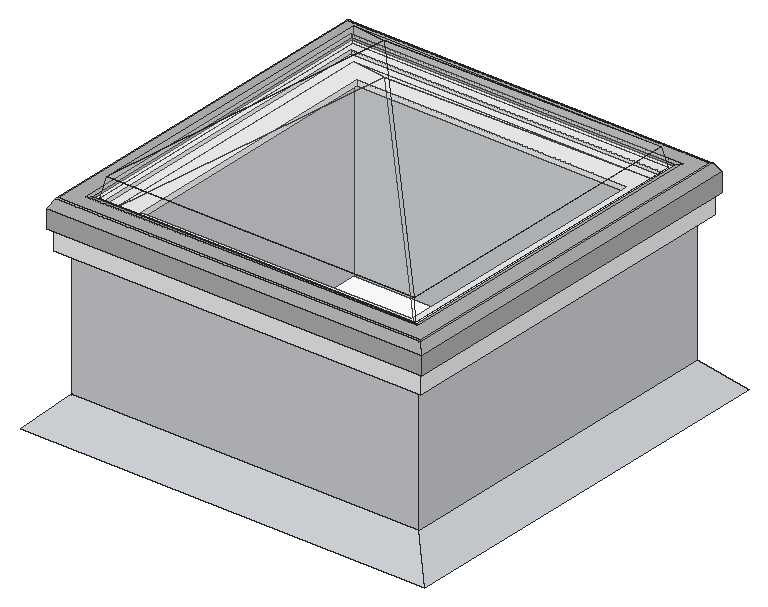
Revit family "Skylight_Curb-Mount_ArtisticSkylight_PyramidGlass", category Windows, host Face, Revit 2026
Family settings
  Host = Face
  Classification Number = 23.30.30.14.14
  Cut with Voids When Loaded = No
  Shared = No
  Room Calculation Point = No
Parameters
  Width = 2' - 0"
  Water Penetration = "as Specified"
  Warranty Duration (Years) = 0
  VLT [instance] = 0
  URL = "http://artisticskylight.com/"
  U-Factor [instance] = 0
  Test Data = "http://artisticskylight.com/technical-resources/"
  Structural Test Pressure = "as Specified"
  Standards Conformance = "as Specified"
  Specification = "http://arcat.com/sdspecs/htm/08600asd.htm"
  SpecWizard = ""
  Send Message = "http://arcat.com/users.pl?action=UserEmail&company=Artistic+Skylight+Domes+Ltd.&coid=40563&rep=119&fax=416-747-6630&mf="
  Sales Information = "http://artisticskylight.com/contact-us/"
  SHGC [instance] = 0
  Rough Width = Width - (Curb Thickness * 2)  # 1' - 9"
  Rough Height = Height - (Curb Thickness * 2)  # 1' - 9"
  Roof Membrane Thickness [instance] = 0' - 0 1/4"
  Revision = "R1_02_2014"
  Pyramid Angle_Standard [instance] = yes
  Pyramid Angle_Optional [instance] = not(Pyramid Angle_Standard)  # no
  Pyramid Angle [instance] = if(Pyramid Angle_Standard, 35.00°, 45.00°)  # 35.00°
  Product Properties = ""
  Product Data = "http://arcat.com/arcatcos/cos40/arc40563.html"
  Model = "As Specified"
  Manufacturer Website = "http://artisticskylight.com/"
  Manufacturer Phone - Toll Free = ""
  Manufacturer Phone = "416-747-7233"
  Manufacturer Fax = "416-747-6630"
  Manufacturer Address = "255 Regina Rd.  Vaughan, ON, Canada L4L 8M3"
  Manufacturer = "Artistic Skylight Domes Ltd."
  Maintenance Schedule (Months) = 0
  Keynote = "8600"
  Installation-Fabrication = ""
  Installation Phase = ""
  Height = 2' - 0"
  Green Building-LEED = "http://arcat.com/green/clients/leed_data_40563.html"
  Glazing Tint [instance] = Glass - ArtisticSkylight - Clear
  Frame Material [instance] = Vinyl - ArtisticSkylight - White
  Expected Lifespan (Years) = 0
  Drawn By = "Sumex Design, Inc. / Robert S. Weygant, CSI, CDT, SCIP"
  Description = "Artistic Skylight Skylight as Specified"
  Default Elevation = 0' - 0"
  Cut Depth [instance] = 1' - 2"
  Curb by Others [instance] = yes
  Curb Thickness = 0' - 1 1/2"
  Curb Height [instance] = 1' - 0"
  Cover Material [instance] = Metal - ArtisticSkylight - Aluminum
  Copyright = "©Arcat Inc."
  Construction Details = "http://arcat.com/details/artsky/artsky.html?coid=40563"
  Cant by Others [instance] = yes
  Building Codes = ""
  Assembly Code = "B3020110"
  Air Infiltration = "as Specified"
Reference planes (in)
  plane 1 "Center (Front/Back)": y = 0
  plane 2: z = 0
  plane 3 "Center (Left/Right)": x = 0
  plane 4: y = 10.5
  plane 5: y = -10.5
  plane 6: x = -10.5
  plane 7: x = 10.5
  plane 8: z = 12
  plane 9: y = 12
  plane 10: y = -12
  plane 11: x = 12
  plane 12: x = -12
  plane 13: z = 12.25
  plane 14: z = -14
Forms (in)
  Extrusion 1, solid, visible <- "Curb by Others"
    sketch origin (0, 0, 0) x (1, 0, 0) y (0, 1, 0)
      loop
        line (-10.5, 10.5) -> (-10.5, -10.5) -> (10.5, -10.5) -> (10.5, 10.5) -> (-10.5, 10.5)
      loop
        line (-12, 12) -> (-12, -12) -> (12, -12) -> (12, 12) -> (-12, 12)
    from 0 to 12
  Extrusion 2, void
    sketch origin (0, 0, 0) x (1, 0, 0) y (0, 1, 0)
      loop
        line (-10.5, 10.5) -> (-10.5, -10.5) -> (10.5, -10.5) -> (10.5, 10.5) -> (-10.5, 10.5)
    from -14 to 0
  Sweep 3, solid, visible <- "Cant by Others"
    path origin (0, 0, 0) x (1, 0, 0) y (0, 1, 0)
      loop
        line (-12, 12) -> (-12, -12) -> (12, -12) -> (12, 12) -> (-12, 12)
    profile origin (0, 12, 0) x (0, 1, 0) y (0, 0, 1)
      loop
        line (0, 0) -> (2, 0) -> (0, 2) -> (0, 0)
Dimensions and locks (in)
  "Curb Height": plane 8 to level
  equal spacing: plane 4, plane 1 "Center (Front/Back)", plane 5
  "Height": plane 9 to plane 10
  equal spacing: plane 6, plane 3 "Center (Left/Right)", plane 7
  "Width": plane 12 to plane 11
  "Curb Thickness": plane 9 to plane 4
  "Curb Thickness": plane 5 to plane 10
  "Curb Thickness": plane 7 to plane 11
  "Curb Thickness": plane 12 to plane 6
  "Roof Membrane Thickness": plane 13 to plane 8
  "Cut Depth": level to plane 14
  aligned and locked: plane 2 to host face
  aligned and locked: level to host face
  aligned and locked: plane 6 to Extrusion 1 sketch curve
  aligned and locked: plane 12 to Extrusion 1 sketch curve
  aligned and locked: Extrusion 1 sketch curve to plane 7
  aligned and locked: Extrusion 1 sketch curve to plane 11
  aligned and locked: Extrusion 1 sketch curve to plane 9
  aligned and locked: Extrusion 1 sketch curve to plane 4
  aligned and locked: plane 5 to Extrusion 1 sketch curve
  aligned and locked: plane 10 to Extrusion 1 sketch curve
  aligned and locked: plane 5 to Extrusion 2 sketch curve
  aligned and locked: Extrusion 2 sketch curve to plane 7
  aligned and locked: plane 6 to Extrusion 2 sketch curve
  aligned and locked: Extrusion 2 sketch curve to plane 4
  aligned and locked: level to Extrusion 2
  aligned and locked: Extrusion 2 to plane 14
  aligned and locked: plane 8 to Extrusion 1
  aligned and locked: Sweep 3 sketch curve to plane 11
  aligned and locked: plane 10 to Sweep 3 sketch curve
  aligned and locked: plane 12 to Sweep 3 sketch curve
  aligned and locked: Sweep 3 sketch curve to plane 9
Automatic sketch dimensions
  host sketch curve to host sketch curve = 8' - 0"  (x2)
  Sweep 3 sketch curve to level = 0' - 0"
  Sweep 3 sketch curve to profile plane = 0' - 0"
  Sweep 3 sketch curve to profile plane = 0' - 2"
  level to Sweep 3 sketch curve = 0' - 2"
Nested families (in)
  nested 1: "PyramidGlass" at (0, 0, 12.25), glazing tint <- "Glazing Tint", frame material <- "Frame Material", cover material <- "Cover Material", curb width <- "Curb Thickness", Width <- "Width", Height <- "Height", pyramidangle <- "Pyramid Angle", type "PyramidGlass"
    with pyramidheight 0' - 8.8073", pyramidangle 35.00°, glazing tint Glass - ArtisticSkylight - Clear, frame material Vinyl - ArtisticSkylight - White, curb width 0' - 1 1/2", cover material Metal - ArtisticSkylight - Aluminum, Width 2' - 0", Height 2' - 0"
Definition of nested family "PyramidGlass"
  Parameters
    pyramidheight [instance] = ((Width + (0' 0 37/64" * 2)) / 2) * tan(pyramidangle)  # 1' - 1.00854"
    pyramidangle [instance] = 35.00°
    glazing tint [instance] = none
    frame material [instance] = none
    curb width [instance] = 0' - 1 1/2"
    cover material [instance] = none
    Width [instance] = 3' - 0"
    Warranty Duration (Years) = 0
    URL = ""
    Specification = ""
    SpecWizard = ""
    Send Message = ""
    Sales Information = ""
    Revision = "R1_01-2014"
    Product Properties = ""
    Product Data = ""
    Model = "As Specified"
    Manufacturer Website = ""
    Manufacturer Phone - Toll Free = ""
    Manufacturer Phone = ""
    Manufacturer Fax = ""
    Manufacturer Address = ""
    Manufacturer = ""
    Maintenance Schedule (Months) = 0
    Keynote = ""
    Installation-Fabrication = ""
    Installation Phase = ""
    Height [instance] = 3' - 0"
    Green Building-LEED = ""
    Expected Lifespan (Years) = 0
    Drawn By = "Sumex Design, Inc. / Robert S. Weygant, CSI, CDT, SCIP"
    Description = ""
    Default Elevation = 0' - 0"
    Copyright = "©Arcat Inc."
    Construction Details = ""
    Assembly Code = ""
  Reference planes (in)
    plane 1 "Center (Front/Back)": y = 0
    plane 2 "Bottom": z = 0
    plane 3 "Center (Left/Right)": x = 0
    plane 4 "Front": y = -18
    plane 5 "Back": y = 18
    plane 6 "Left": x = -18
    plane 7 "Right": x = 18
    plane 8 "Top": z = 32
    plane 9: x = 16.5
    plane 10: x = -16.5
    plane 11: y = 16.5
    plane 12: y = -16.5
    plane 13: z = 14.78086
    plane 14: z = 1.77231
    plane 15: z = 12.53086
  Forms (in)
    Sweep 1, solid, material <- "frame material"
      path origin (0, 0, 0) x (1, 0, 0) y (0, 1, 0)
        loop
          line (-18, 18) -> (-18, -18) -> (18, -18) -> (18, 18) -> (-18, 18)
      profile "SkylightFrame : SkylightFrame" origin (0, 18, 0) x (0, 1, 0) y (0, 0, 1)
        loop
          line (-1.5625, 0) -> (0.625, 0) -> (0.625, -1.3125) -> (0.71875, -1.3125) -> (0.71875, 0.0625) -> (0.96875, 0.0625) -> (0.96875, 1.3125) -> (0.62983, 1.89952)
          arc (0.62983, 1.89952) -> (0.58408, 1.94527) -> (0.52158, 1.96202) r 0.125
          line (0.52158, 1.96202) -> (-0.53125, 1.96202) -> (-0.77273, 1.89731) -> (-0.77273, 1.77231) -> (0.57828, 1.77231) -> (0.57828, 1) -> (-0.5625, 1) -> (-0.5625, 0.75) -> (-2.625, 0.75) -> (-2.625, 0.375) -> (-1.5625, 0.375) -> (-1.5625, 0)
    Extrusion 2, solid, material <- "glazing tint"
      sketch origin (0, 0, 0) x (1, 0, 0) y (0, 1, 0)
        loop
          line (-18.57828, 18.57828) -> (-18.57828, -18.57828) -> (18.57828, -18.57828) -> (18.57828, 18.57828) -> (-18.57828, 18.57828)
      from 1 to 1.77231
    Sweep 3, void
      path origin (0, 0, 0) x (1, 0, 0) y (0, 1, 0)
        loop
          line (-18, 18) -> (-18, -18) -> (18, -18) -> (18, 18) -> (-18, 18)
      profile origin (0, 18, 0) x (0, 1, 0) y (0, 0, 1)
        loop
          line (-1.07506, 1.77231) -> (0.57828, 1.77231) -> (0.57828, 8.77231) -> (-2.30935, 8.77231) -> (-1.07506, 1.77231)
    Blend 4, solid, material <- "glazing tint"
      base sketch origin (0, 0, 0) x (1, 0, 0) y (0, 1, 0)
        loop
          line (-18.57828, 18.57828) -> (-18.57828, -18.57828) -> (18.57828, -18.57828) -> (18.57828, 18.57828) -> (-18.57828, 18.57828)
      top sketch origin (0, 0, 0) x (1, 0, 0) y (0, 1, 0)
        loop
          line (-0.01562, 0.01562) -> (-0.01562, -0.01563) -> (0.01563, -0.01563) -> (0.01563, 0.01562) -> (-0.01562, 0.01562)
      from 1.77231 to 14.78086
    Blend 5, void
      base sketch origin (-18.57828, -180, 1.77231) x (0, -1, 0) y (1, 0, 0)
        loop
          line (-196.5, 2.07828) -> (-163.5, 2.07828) -> (-163.5, 35.07828) -> (-196.5, 35.07828) -> (-196.5, 2.07828)
      top sketch origin (-18.57828, -180, 1.77231) x (0, -1, 0) y (1, 0, 0)
        loop
          line (-180.01562, 18.5939) -> (-180.01562, 18.56265) -> (-179.98437, 18.56265) -> (-179.98437, 18.5939) -> (-180.01562, 18.5939)
      from -0.77231 to 10.75854
  Cuts and joins
    Sweep 3, Blend 5 cuts Extrusion 2
    Sweep 3, Blend 5 cuts Blend 4
    joined: Extrusion 2, Blend 4
  Dimensions and locks (in)
    equal spacing: plane 6 "Left", plane 3 "Center (Left/Right)", plane 7 "Right"
    "Width": plane 6 "Left" to plane 7 "Right"
    equal spacing: plane 5 "Back", plane 1 "Center (Front/Back)", plane 4 "Front"
    "Height": plane 5 "Back" to plane 4 "Front"
    locked: plane 8 "Top" to level at 32
    "curb width": plane 9 to plane 7 "Right"
    "curb width": plane 6 "Left" to plane 10
    "curb width": plane 5 "Back" to plane 11
    "curb width": plane 12 to plane 4 "Front"
    locked: Extrusion 2 sketch curve to plane 5 "Back" at 0.57828
    locked: plane 4 "Front" to Extrusion 2 sketch curve at 0.57828
    locked: plane 7 "Right" to Extrusion 2 sketch curve at 0.57828
    locked: Extrusion 2 sketch curve to plane 6 "Left" at 0.57828
    Sweep 3 sketch curve to Sweep 3 sketch curve to plane 5 "Back" to Sweep 3 sketch curve = 0' - 1.23429", 0' - 1.07506" locked, 0' - 0.57828" locked
    locked: Sweep 3 sketch curve to level at 1.77231
    locked: plane 14 to level at 1.77231
    "pyramidheight": plane 13 to plane 14
    locked: plane 7 "Right" to Blend 4 sketch curve at 0.57828
    locked: Blend 4 sketch curve to plane 6 "Left" at 0.57828
    locked: Blend 4 sketch curve to plane 5 "Back" at 0.57828
    locked: plane 4 "Front" to Blend 4 sketch curve at 0.57828
    Blend 4 sketch curve to plane 1 "Center (Front/Back)" to Blend 4 sketch curve = 0' - 0 1/64" locked, 0' - 0 1/64" locked
    Blend 4 sketch curve to plane 3 "Center (Left/Right)" to Blend 4 sketch curve = 0' - 0 1/64" locked, 0' - 0 1/64" locked
    Blend 5 sketch curve to plane 3 "Center (Left/Right)" to Blend 5 sketch curve = 0' - 0 1/64" locked, 0' - 0 1/64" locked
    Blend 5 sketch curve to plane 1 "Center (Front/Back)" to Blend 5 sketch curve = 0' - 0 1/64" locked, 0' - 0 1/64" locked
    locked: plane 13 to plane 15 at 2.25
    aligned and locked: Sweep 1 sketch curve to plane 4 "Front"
    aligned and locked: Sweep 1 sketch curve to plane 7 "Right"
    aligned and locked: Sweep 1 sketch curve to plane 5 "Back"
    aligned and locked: plane 6 "Left" to Sweep 1 sketch curve
    aligned and locked: Sweep 3 sketch curve to plane 4 "Front"
    aligned and locked: Sweep 3 sketch curve to plane 7 "Right"
    aligned and locked: plane 6 "Left" to Sweep 3 sketch curve
    aligned and locked: Sweep 3 sketch curve to plane 5 "Back"
    aligned and locked: plane 13 to Blend 4
    aligned and locked: plane 14 to Blend 4
    aligned and locked: Blend 5 sketch curve to plane 9
    aligned and locked: plane 12 to Blend 5 sketch curve
    aligned and locked: Blend 5 sketch curve to plane 11
    aligned and locked: plane 10 to Blend 5 sketch curve
    aligned and locked: plane 15 to Blend 5
  Automatic sketch dimensions
    Sweep 3 sketch curve to Sweep 3 sketch curve = 0' - 7"
